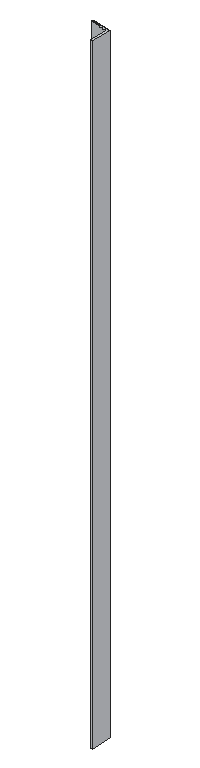
Revit family "GEN_A3-Corner-Protector-15deg", category Casework, Revit 2015
Parameters (values of type "Corner Protector 15 Deg")
  Depth = 600 mm
  Height = 900 mm
  Width = 900 mm
Reference planes
  plane 1: z = 0
  plane 2 "Center (Left/Right)": x = 44.7
  plane 3 "Top": z = 900
Forms (mm)
  Extrusion 1, solid
    sketch origin (-92.729, -186.933, 0) x (1, 0, 0) y (0, 1, 0)
      loop
        line (124.395, 74.92) -> (124.395, 30.265) -> (129.395, 30.265) -> (129.395, 78.757) -> (82.812, 91.239) -> (81.518, 86.409) -> (124.395, 74.92)
    from 100 to 1600
Lines and regions (mm)
  symbolic lines
    curve 1: line (-17.996, -60.668, 0) -> (61.666, -82.013, 0)
    curve 2: line (61.666, -157.013, 0) -> (61.666, -82.013, 0)
Dimensions and locks
  "Height": level to plane 3 "Top"
  locked: Extrusion 1 sketch curve to Extrusion 1 sketch curve at 5
  Extrusion 1 sketch curve to Extrusion 1 sketch curve to curve 2 = 5 mm locked, 25 mm
Automatic sketch dimensions
  curve 1 to plane 2 "Center (Left/Right)" = 62.697 mm
  plane 2 "Center (Left/Right)" to curve 2 = 16.966 mm
  curve 2 to curve 1 = 75 mm
  curve 1 to curve 1 = 21.345 mm
  Extrusion 1 sketch curve to Extrusion 1 sketch curve = 41.583 mm
  Extrusion 1 sketch curve to Extrusion 1 sketch curve = 1.294 mm
  Extrusion 1 sketch curve to Extrusion 1 sketch curve = 44.655 mm
